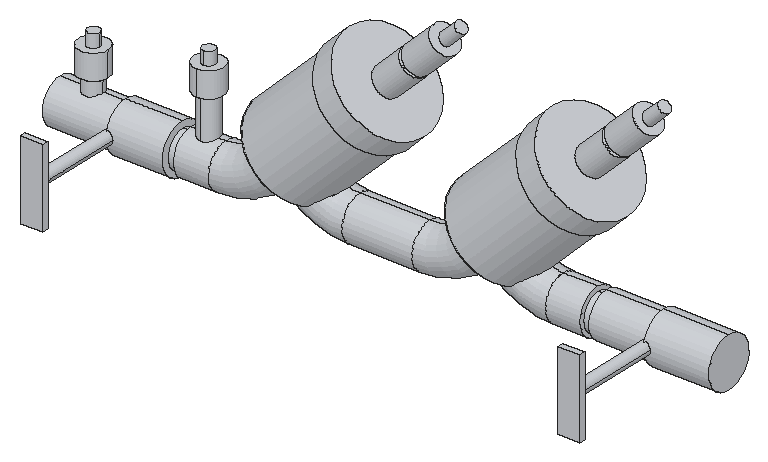
Revit family "M_Peça anti refluxo - 15-50 mm", category Acessórios do tubo, Revit 2019
Family settings
  Cota do conector redondo = Usar raio
  Tipo de parte = Válvula - Quebra entre
  Número OmniClass = 23.65.55.14.21
  Título OmniClass = Non-Return Valves for Liquid Services
  ID de item do Seek = Backflow Preventer - 15-50 mm-0000-CAN-ENU
  Com base no plano de trabalho = Não
  Sempre na vertical = Sim
  Corte com vazios quando carregada = Não
  Compartilhado = Não
Parameters (values of type "15 mm")
  Largura 2 = Raio externo * 0.45  # 4.05 mm
  Largura 1 = 19 mm
  Material da válvula = none
  Comprimento da válvula = 243 mm
  Espessura 1 = Raio externo * 0.25  # 2.25 mm
  Raio 9 = Raio externo * 0.4  # 3.6 mm
  Raio 8 = Raio externo * 0.25  # 2.25 mm
  Raio 7 = Raio externo * 0.6  # 5.4 mm
  Raio 6 = Largura 1  # 19 mm
  Raio 5 = 0.95 * Largura 1  # 18.05 mm
  Raio 4 = Raio externo * 0.75  # 6.75 mm
  Raio 3 = Raio externo * 0.9  # 8.1 mm
  Raio 2 = 25.4 mm
  Raio 10 = 0.75 * Largura 1  # 14.25 mm
  Raio 1 = 25.4 mm
  Queda de pressão [instance] = 34474.0 Pa
  Raio externo = 1 / 2 * Diâmetro externo  # 9 mm
  Diâmetro externo = 1.2 * Diâmetro nominal  # 18 mm
  Altura aberta = 94 mm
  Raio nominal = 7.5 mm
  Diâmetro nominal = Raio nominal * 2  # 15 mm
  Comprimento 9 = 1.75 / 20 * Comprimento  # 8.36 mm
  Comprimento 8 = 0.25 / 20 * Comprimento  # 1.194 mm
  Comprimento 7 = 3 / 20 * Comprimento  # 14.332 mm
  Comprimento 6 = 2 / 20 * Comprimento  # 9.554 mm
  Comprimento 5 = 8 / 20 * Comprimento  # 38.218 mm
  Comprimento 4 = 1 / 20 * Comprimento  # 4.777 mm
  Comprimento 3 = 1 / 4 * Comprimento 1  # 3.175 mm
  Comprimento 2 = 12.7 mm
  Comprimento 1 = 12.7 mm
  Comprimento = (C1 Deslocamento 1 + (Raio 1 * sin(Ângulo 1)) - Raio 1) / sin(Ângulo 2)  # 95.545 mm
  Altura 6 = 1 / 6 * Altura 1  # 4.5 mm
  Altura 5 = 1 / 3 * Altura 1  # 9 mm
  Altura 4 = 1 / 20 * Altura 1  # 1.35 mm
  Altura 3 = 9 / 20 * Altura 1  # 12.15 mm
  Altura 2 = 2 * Diâmetro externo  # 36 mm
  Altura 1 = 1.5 * Diâmetro externo  # 27 mm
  C1 Deslocamento 2 = 43 mm
  C1 Deslocamento 1 = 75 mm
  Comprimento do corpo = 148 mm
  Ângulo 2 = 90.00° - Ângulo 1  # 45.00°
  Ângulo 1 = 45.00°
Types (7, lengths in mm): name | Largura 2 | Largura 1 | Comprimento da válvula | Espessura 1 | Raio 9 | Raio 8 | Raio 7 | Raio 6 | Raio 5 | Raio 4 | Raio 3 | Raio 2 | Raio 10 | Raio 1 | Queda de pressão | Raio externo | Diâmetro externo | Altura aberta | Raio nominal | Diâmetro nominal | Comprimento 9 | Comprimento 8 | Comprimento 7 | Comprimento 6 | Comprimento 5 | Comprimento 4 | Comprimento 3 | Comprimento 2 | Comprimento 1 | Comprimento | Altura 6 | Altura 5 | Altura 4 | Altura 3 | Altura 2 | Altura 1 | C1 Deslocamento 2 | C1 Deslocamento 1 | Comprimento do corpo
  (no name) | 4.05 | 19 | 243 | 2.25 | 3.6 | 2.25 | 5.4 | 19 | 18.05 | 6.75 | 8.1 | 25.4 | 14.25 | 25.4 | 34474.0 Pa | 9 | 18 | 94 | 7.5 | 15 | 8.36 | 1.194 | 14.332 | 9.554 | 38.218 | 4.777 | 3.175 | 12.7 | 12.7 | 95.545 | 4.5 | 9 | 1.35 | 12.15 | 36 | 27 | 43 | 75 | 148
  15 mm | 4.05 | 19 | 243 | 2.25 | 3.6 | 2.25 | 5.4 | 19 | 18.05 | 6.75 | 8.1 | 25.4 | 14.25 | 25.4 | 34474.0 Pa | 9 | 18 | 94 | 7.5 | 15 | 8.36 | 1.194 | 14.332 | 9.554 | 38.218 | 4.777 | 3.175 | 12.7 | 12.7 | 95.545 | 4.5 | 9 | 1.35 | 12.15 | 36 | 27 | 43 | 75 | 148
  20 mm | 5.4 | 27 | 308 | 3 | 4.8 | 3 | 7.2 | 27 | 25.65 | 9 | 10.8 | 19.1 | 20.25 | 12.7 | 35163.0 Pa | 12 | 24 | 127 | 10 | 20 | 10.553 | 1.508 | 18.091 | 12.06 | 48.242 | 6.03 | 8.125 | 19.1 | 32.5 | 120.604 | 6 | 12 | 1.8 | 16.2 | 48 | 36 | 52 | 89 | 195
  25 mm | 6.75 | 33 | 360 | 3.75 | 6 | 3.75 | 9 | 33 | 31.35 | 11.25 | 13.5 | 38.1 | 24.75 | 25.4 | 37921.0 Pa | 15 | 30 | 116 | 12.5 | 25 | 11.206 | 1.601 | 19.211 | 12.807 | 51.229 | 6.404 | 6.35 | 25.4 | 25.4 | 128.072 | 7.5 | 15 | 2.25 | 20.25 | 60 | 45 | 62 | 98 | 245
  32 mm | 8.64 | 41 | 481 | 4.8 | 7.68 | 4.8 | 11.52 | 41 | 38.95 | 14.4 | 17.28 | 50.8 | 30.75 | 38.1 | 34474.0 Pa | 19.2 | 38.4 | 156 | 16 | 32 | 14.706 | 2.101 | 25.21 | 16.807 | 67.226 | 8.403 | 6.35 | 25.4 | 25.4 | 168.066 | 9.6 | 19.2 | 2.88 | 25.92 | 76.8 | 57.6 | 67 | 130 | 297
  40 mm | 10.8 | 41.3 | 481 | 6 | 9.6 | 6 | 14.4 | 41.3 | 39.235 | 18 | 21.6 | 50.8 | 30.975 | 38.1 | 34474.0 Pa | 24 | 48 | 156 | 20 | 40 | 14.706 | 2.101 | 25.21 | 16.807 | 67.226 | 8.403 | 6.35 | 25.4 | 25.4 | 168.066 | 12 | 24 | 3.6 | 32.4 | 96 | 72 | 79 | 130 | 297
  50 mm | 13.5 | 49 | 538 | 7.5 | 12 | 7.5 | 18 | 49 | 46.55 | 22.5 | 27 | 76.2 | 36.75 | 50.8 | 27579.0 Pa | 30 | 60 | 179 | 25 | 50 | 15.854 | 2.265 | 27.179 | 18.119 | 72.476 | 9.06 | 6.35 | 19.1 | 25.4 | 181.19 | 15 | 30 | 4.5 | 40.5 | 120 | 90 | 87 | 143 | 340
Reference planes
  plane 1 "Centro (Frente/Trás)": y = 0
  plane 2: z = 0
  plane 3 "Centro (Esquerda/Direita)": x = 0
  plane 4: x = -74
  plane 5: x = 74
  plane 6: x = -121.5
  plane 7: x = 121.5
  plane 8: x = -61.3
  plane 9: x = 12.7
  plane 10: x = 61.3
  plane 11: x = -12.7
  plane 12: z = 25.4
  plane 13: z = 25.4
  plane 14: x = -97.75
  plane 15: x = 97.75
  plane 16: x = -77.175
  plane 17: x = 77.175
  plane 18: x = -67.65
  plane 19: x = -101.8
  plane 20: x = -93.7
  plane 21: x = -109.625
  plane 22: z = 27
  plane 23: z = 36
  plane 24: y = -43
  plane 25: x = 101.8
  plane 26: x = 93.7
Forms (mm)
  Sweep 1, solid, material <- "Material da válvula", detail levels fine
    path origin (0, 0, 0) x (1, 0, 0) y (0, 0, 1)
      loop
        line (-74, 0) -> (-61.3, 0)
    profile origin (-67.65, 0, 0) x (0, 0, 1) y (0, -1, 0)
      loop
        circle (0, 0) r 8.1
  Sweep 2, solid, material <- "Material da válvula", detail levels fine
    path origin (0, 0, 0) x (1, 0, 0) y (0, 0, 1)
      loop
        line (61.3, 0) -> (74, 0)
    profile origin (67.65, 0, 0) x (0, 0, 1) y (0, -1, 0)
      loop
        circle (0, 0) r 8.1
  Sweep 3, solid, material <- "Material da válvula", detail levels fine
    path origin (0, 0, 0) x (1, 0, 0) y (0, 0, 1)
      loop
        line (-12.7, 0) -> (12.7, 0)
    profile origin (0, 0, 0) x (0, 0, 1) y (0, -1, 0)
      loop
        circle (0, 0) r 8.1
  Sweep 4, solid, material <- "Material da válvula", detail levels fine
    path in 3D
      loop
        arc (-61.3, 0, 0) -> (-51.58, 0, 1.933) -> (-43.339, 0, 7.439) r 25.4
    profile origin (-51.58, 0, 1.933) x (-0.382683, 0, 0.92388) y (0, -1, 0)
      loop
        circle (0, 0) r 8.1
  Sweep 5, solid, material <- "Material da válvula", detail levels fine
    path in 3D
      loop
        arc (12.7, 0, 0) -> (22.42, 0, 1.933) -> (30.661, 0, 7.439) r 25.4
    profile origin (22.42, 0, 1.933) x (-0.382683, 0, 0.92388) y (0, -1, 0)
      loop
        circle (0, 0) r 8.1
  Sweep 6, solid, material <- "Material da válvula", detail levels fine
    path origin (0, 0, 0) x (1, 0, 0) y (0, 0, 1)
      loop
        line (-43.339, 7.439) -> (-39.961, 10.818)
    profile origin (-41.65, 0, 9.129) x (-0.707107, 0, 0.707107) y (0, -1, 0)
      loop
        circle (0, 0) r 9
  Sweep 7, solid, material <- "Material da válvula", detail levels fine
    path origin (0, 0, 0) x (1, 0, 0) y (0, 0, 1)
      loop
        line (30.661, 7.439) -> (34.039, 10.818)
    profile origin (32.35, 0, 9.129) x (-0.707107, 0, 0.707107) y (0, -1, 0)
      loop
        circle (0, 0) r 9
  Blend 8, solid, material <- "Material da válvula", detail levels fine
    base sketch origin (-39.961, 0, 10.818) x (0, -1, 0) y (0.707107, 0, -0.707107)
      loop
        circle (0, 0) r 9
    top sketch origin (-39.961, 0, 10.818) x (0, -1, 0) y (0.707107, 0, -0.707107)
      loop
        circle (0, 0) r 18.05
    from 0 to 4.777
  Blend 9, solid, material <- "Material da válvula", detail levels fine
    base sketch origin (34.039, 0, 10.818) x (0, -1, 0) y (0.707107, 0, -0.707107)
      loop
        circle (0, 0) r 9
    top sketch origin (34.039, 0, 10.818) x (0, -1, 0) y (0.707107, 0, -0.707107)
      loop
        circle (0, 0) r 18.05
    from 0 to 4.777
  Sweep 10, solid, material <- "Material da válvula", detail levels fine
    path origin (0, 0, 0) x (1, 0, 0) y (0, 0, 1)
      loop
        line (-36.583, 14.196) -> (-9.559, 41.22)
    profile origin (-23.071, 0, 27.708) x (-0.707107, 0, 0.707107) y (0, -1, 0)
      loop
        circle (0, 0) r 18.05
  Sweep 11, solid, material <- "Material da válvula", detail levels fine
    path origin (0, 0, 0) x (1, 0, 0) y (0, 0, 1)
      loop
        line (37.417, 14.196) -> (64.441, 41.22)
    profile origin (50.929, 0, 27.708) x (-0.707107, 0, 0.707107) y (0, -1, 0)
      loop
        circle (0, 0) r 18.05
  Sweep 12, solid, material <- "Material da válvula", detail levels fine
    path in 3D
      loop
        arc (-12.7, 0, 0) -> (-26.472, 0, 4.058) -> (-35.844, 0, 14.935) r 25.4
    profile origin (-26.472, 0, 4.058) x (-0.542214, 0, -0.84024) y (0, -1, 0)
      loop
        circle (0, 0) r 8.1
  Sweep 13, solid, material <- "Material da válvula", detail levels fine
    path in 3D
      loop
        arc (61.3, 0, 0) -> (47.528, 0, 4.058) -> (38.156, 0, 14.935) r 25.4
    profile origin (47.528, 0, 4.058) x (-0.542214, 0, -0.84024) y (0, -1, 0)
      loop
        circle (0, 0) r 8.1
  Sweep 14, solid, material <- "Material da válvula", detail levels fine
    path origin (0, 0, 0) x (1, 0, 0) y (0, 0, 1)
      loop
        line (-9.559, 41.22) -> (-2.803, 47.976)
    profile origin (-6.181, 0, 44.598) x (-0.707107, 0, 0.707107) y (0, -1, 0)
      loop
        circle (0, 0) r 19
  Sweep 15, solid, material <- "Material da válvula", detail levels fine
    path origin (0, 0, 0) x (1, 0, 0) y (0, 0, 1)
      loop
        line (64.441, 41.22) -> (71.197, 47.976)
    profile origin (67.819, 0, 44.598) x (-0.707107, 0, 0.707107) y (0, -1, 0)
      loop
        circle (0, 0) r 19
  Sweep 16, solid, material <- "Material da válvula", detail levels fine
    path origin (0, 0, 0) x (1, 0, 0) y (0, 0, 1)
      loop
        line (-2.803, 47.976) -> (7.331, 58.11)
    profile origin (2.264, 0, 53.043) x (-0.707107, 0, 0.707107) y (0, -1, 0)
      loop
        circle (0, 0) r 5.4
  Sweep 17, solid, material <- "Material da válvula", detail levels fine
    path origin (0, 0, 0) x (1, 0, 0) y (0, 0, 1)
      loop
        line (71.197, 47.976) -> (81.331, 58.11)
    profile origin (76.264, 0, 53.043) x (-0.707107, 0, 0.707107) y (0, -1, 0)
      loop
        circle (0, 0) r 5.4
  Sweep 18, solid, material <- "Material da válvula", detail levels fine
    path origin (0, 0, 0) x (1, 0, 0) y (0, 0, 1)
      loop
        line (7.331, 58.11) -> (8.175, 58.954)
    profile origin (7.753, 0, 58.532) x (-0.707107, 0, 0.707107) y (0, -1, 0)
      loop
        circle (0, 0) r 2.25
  Sweep 19, solid, material <- "Material da válvula", detail levels fine
    path origin (0, 0, 0) x (1, 0, 0) y (0, 0, 1)
      loop
        line (81.331, 58.11) -> (82.175, 58.954)
    profile origin (81.753, 0, 58.532) x (-0.707107, 0, 0.707107) y (0, -1, 0)
      loop
        circle (0, 0) r 2.25
  Sweep 20, solid, material <- "Material da válvula", detail levels fine
    path origin (0, 0, 0) x (1, 0, 0) y (0, 0, 1)
      loop
        line (8.175, 58.954) -> (18.309, 69.088)
    profile origin (13.242, 0, 64.021) x (-0.707107, 0, 0.707107) y (0, -1, 0)
      loop
        circle (0, 0) r 5.4
  Sweep 21, solid, material <- "Material da válvula", detail levels fine
    path origin (0, 0, 0) x (1, 0, 0) y (0, 0, 1)
      loop
        line (82.175, 58.954) -> (92.309, 69.088)
    profile origin (87.242, 0, 64.021) x (-0.707107, 0, 0.707107) y (0, -1, 0)
      loop
        circle (0, 0) r 5.4
  Sweep 22, solid, material <- "Material da válvula", detail levels fine
    path origin (0, 0, 0) x (1, 0, 0) y (0, 0, 1)
      loop
        line (18.309, 69.088) -> (24.221, 75)
    profile origin (21.265, 0, 72.044) x (-0.707107, 0, 0.707107) y (0, -1, 0)
      loop
        circle (0, 0) r 2.25
  Sweep 23, solid, material <- "Material da válvula", detail levels fine
    path origin (0, 0, 0) x (1, 0, 0) y (0, 0, 1)
      loop
        line (92.309, 69.088) -> (98.221, 75)
    profile origin (95.265, 0, 72.044) x (-0.707107, 0, 0.707107) y (0, -1, 0)
      loop
        circle (0, 0) r 2.25
  Sweep 24, solid, material <- "Material da válvula", detail levels fine
    path origin (0, 0, 0) x (1, 0, 0) y (0, 0, 1)
      loop
        line (97.75, 0) -> (121.5, 0)
    profile origin (109.625, 0, 0) x (0, 0, 1) y (0, -1, 0)
      loop
        circle (0, 0) r 9
  Sweep 25, solid, material <- "Material da válvula", detail levels fine
    path origin (0, 0, 0) x (1, 0, 0) y (0, 0, 1)
      loop
        line (-97.75, 0) -> (-77.175, 0)
    profile origin (-87.462, 0, 0) x (0, 0, 1) y (0, -1, 0)
      loop
        circle (0, 0) r 9
  Sweep 26, solid, material <- "Material da válvula", detail levels fine
    path origin (0, 0, 0) x (1, 0, 0) y (0, 0, 1)
      loop
        line (-97.75, 0) -> (-121.5, 0)
    profile origin (-109.625, 0, 0) x (0, 0, -1) y (0, -1, 0)
      loop
        circle (0, 0) r 8.1
  Sweep 27, solid, material <- "Material da válvula", detail levels fine
    path origin (0, 0, 0) x (1, 0, 0) y (0, 0, 1)
      loop
        line (77.175, 0) -> (97.75, 0)
    profile origin (87.463, 0, 0) x (0, 0, 1) y (0, -1, 0)
      loop
        circle (0, 0) r 8.1
  Sweep 28, solid, material <- "Material da válvula", detail levels fine
    path origin (0, 0, 0) x (1, 0, 0) y (0, 0, 1)
      loop
        line (-77.175, 0) -> (-74, 0)
    profile origin (-75.587, 0, 0) x (0, 0, 1) y (0, -1, 0)
      loop
        circle (0, 0) r 6.75
  Sweep 29, solid, material <- "Material da válvula", detail levels fine
    path origin (0, 0, 0) x (1, 0, 0) y (0, 0, 1)
      loop
        line (74, 0) -> (77.175, 0)
    profile origin (75.588, 0, 0) x (0, 0, 1) y (0, -1, 0)
      loop
        circle (0, 0) r 6.75
  Sweep 30, solid, material <- "Material da válvula", detail levels fine
    path origin (0, 0, 0) x (1, 0, 0) y (0, 0, 1)
      loop
        line (-109.625, 0) -> (-109.625, 12.15)
    profile origin (-109.625, 0, 6.075) x (-1, 0, 0) y (0, -1, 0)
      loop
        circle (0, 0) r 3.6
  Sweep 31, solid, material <- "Material da válvula", detail levels fine
    path origin (0, 0, 0) x (1, 0, 0) y (0, 0, 1)
      loop
        line (-109.625, 12.15) -> (-109.625, 13.5)
    profile origin (-109.625, 0, 12.825) x (-1, 0, 0) y (0, -1, 0)
      loop
        circle (0, 0) r 2.25
  Sweep 32, solid, material <- "Material da válvula", detail levels fine
    path origin (0, 0, 0) x (1, 0, 0) y (0, 0, 1)
      loop
        line (-109.625, 13.5) -> (-109.625, 22.5)
    profile origin (-109.625, 0, 18) x (-1, 0, 0) y (0, -1, 0)
      loop
        circle (0, 0) r 5.4
  Sweep 33, solid, material <- "Material da válvula", detail levels fine
    path origin (0, 0, 0) x (1, 0, 0) y (0, 0, 1)
      loop
        line (-109.625, 22.5) -> (-109.625, 27)
    profile origin (-109.625, 0, 24.75) x (-1, 0, 0) y (0, -1, 0)
      loop
        circle (0, 0) r 2.25
  Sweep 34, solid, material <- "Material da válvula", detail levels fine
    path origin (0, 0, 0) x (1, 0, 0) y (0, 0, 1)
      loop
        line (-67.65, 36) -> (-67.65, 31.5)
    profile origin (-67.65, 0, 33.75) x (0, -1, 0) y (1, 0, 0)
      loop
        circle (0, 0) r 2.25
  Sweep 35, solid, material <- "Material da válvula", detail levels fine
    path origin (0, 0, 0) x (1, 0, 0) y (0, 0, 1)
      loop
        line (-67.65, 31.5) -> (-67.65, 22.5)
    profile origin (-67.65, 0, 27) x (0, -1, 0) y (1, 0, 0)
      loop
        circle (0, 0) r 5.4
  Sweep 36, solid, material <- "Material da válvula", detail levels fine
    path origin (0, 0, 0) x (1, 0, 0) y (0, 0, 1)
      loop
        line (-67.65, 22.5) -> (-67.65, 21.15)
    profile origin (-67.65, 0, 21.825) x (0, -1, 0) y (1, 0, 0)
      loop
        circle (0, 0) r 2.25
  Sweep 37, solid, material <- "Material da válvula", detail levels fine
    path origin (0, 0, 0) x (1, 0, 0) y (0, 0, 1)
      loop
        line (-67.65, 21.15) -> (-67.65, 0)
    profile origin (-67.65, 0, 10.575) x (0, -1, 0) y (1, 0, 0)
      loop
        circle (0, 0) r 3.6
  Sweep 38, solid, material <- "Material da válvula", detail levels fine
    path origin (0, 0, 0) x (1, 0, 0) y (0, 1, 0)
      loop
        line (-97.75, 0) -> (-97.75, -43)
    profile origin (-97.75, -21.5, 0) x (1, 0, 0) y (0, 0, 1)
      loop
        circle (0, 0) r 2.25
  Sweep 39, solid, material <- "Material da válvula", detail levels fine
    path origin (0, 0, 0) x (-1, 0, 0) y (0, -1, 0)
      loop
        line (-97.75, 0) -> (-97.75, 43)
    profile origin (97.75, -21.5, 0) x (1, 0, 0) y (0, 0, 1)
      loop
        circle (0, 0) r 2.25
  Extrusion 40, solid, material <- "Material da válvula", detail levels fine
    sketch origin (-164.372, -43, 1219.2) x (-1, 0, 0) y (0, 0, 1)
      loop
        line (-62.572, -1204.95) -> (-70.672, -1204.95) -> (-70.672, -1233.45) -> (-62.572, -1233.45) -> (-62.572, -1204.95)
    from 0 to 2.25
  Extrusion 41, solid, material <- "Material da válvula", detail levels fine
    sketch origin (164.372, -43, 1219.2) x (1, 0, 0) y (0, 0, -1)
      loop
        line (-62.572, 1204.95) -> (-62.572, 1233.45) -> (-70.672, 1233.45) -> (-70.672, 1204.95) -> (-62.572, 1204.95)
    from 0 to 2.25
Cuts and joins
  joined: Sweep 3, Sweep 5, Sweep 12
  joined: Sweep 2, Sweep 13
  joined: Sweep 1, Sweep 4, Sweep 37
  joined: Sweep 25, Sweep 26, Sweep 30, Sweep 38, Extrusion 40
  joined: Sweep 24, Sweep 27, Sweep 39, Extrusion 41
Lines and regions (mm)
  reference lines, not visible
    curve 1: line (-61.3, 0, 25.4) -> (-43.339, 0, 7.439)
    curve 2: arc (-61.3, 0, 0) -> (-51.58, 0, 1.933) -> (-43.339, 0, 7.439) r 25.4
    curve 3: line (12.7, 0, 25.4) -> (30.661, 0, 7.439)
    curve 4: arc (12.7, 0, 0) -> (22.42, 0, 1.933) -> (30.661, 0, 7.439) r 25.4
    curve 5: line (-43.339, 0, 7.439) -> (21.287, 0, 72.066)
    curve 6: line (30.661, 0, 7.439) -> (88.16, 0, 64.939)
    curve 7: arc (-12.7, 0, 0) -> (-26.472, 0, 4.058) -> (-35.844, 0, 14.935) r 25.4
    curve 8: arc (61.3, 0, 0) -> (47.528, 0, 4.058) -> (38.156, 0, 14.935) r 25.4
  sketch lines
    curve 9: arc (-61.3, 0, 0) -> (-51.58, 0, 1.933) -> (-43.339, 0, 7.439) r 25.4
    curve 10: arc (12.7, 0, 0) -> (22.42, 0, 1.933) -> (30.661, 0, 7.439) r 25.4
    curve 11: arc (-12.7, 0, 0) -> (-26.472, 0, 4.058) -> (-35.844, 0, 14.935) r 25.4
    curve 12: arc (61.3, 0, 0) -> (47.528, 0, 4.058) -> (38.156, 0, 14.935) r 25.4
  model lines, detail levels coarse+medium
    curve 13: line (-121.5, -47, 0) -> (121.5, -47, 0)
    curve 14: line (-121.5, 47, 0) -> (-121.5, -47, 0)
    curve 15: line (121.5, 47, 0) -> (-121.5, 47, 0)
    curve 16: line (121.5, -47, 0) -> (121.5, 47, 0)
Dimensions and locks
  equal spacing: plane 4, plane 3 "Centro (Esquerda/Direita)", plane 5
  "Comprimento do corpo": plane 4 to plane 5
  equal spacing: plane 6, plane 3 "Centro (Esquerda/Direita)", plane 7
  "Comprimento da válvula": plane 6 to plane 7
  "Comprimento 1": plane 4 to plane 8
  "Comprimento 1": plane 3 "Centro (Esquerda/Direita)" to plane 9
  "Comprimento 2": plane 10 to plane 5
  "Comprimento 2": plane 11 to plane 3 "Centro (Esquerda/Direita)"
  "Raio 1": plane 12 to plane 2
  "Raio 2": plane 13 to plane 2
  "Comprimento 4": Sweep 6 sketch curve to Sweep 6 sketch curve
  "Comprimento 4": Sweep 7 sketch curve to Sweep 7 sketch curve
  "Comprimento 4": Blend 8 to Blend 8
  "Comprimento 4": Blend 9 to Blend 9
  "Comprimento 5": Sweep 10 sketch curve to Sweep 10 sketch curve
  "Comprimento 5": Sweep 11 sketch curve to Sweep 11 sketch curve
  "Comprimento 6": Sweep 14 sketch curve to Sweep 14 sketch curve
  "Comprimento 6": Sweep 15 sketch curve to Sweep 15 sketch curve
  "Comprimento 7": Sweep 16 sketch curve to Sweep 16 sketch curve
  "Comprimento 7": Sweep 17 sketch curve to Sweep 17 sketch curve
  "Comprimento 8": Sweep 18 sketch curve to Sweep 18 sketch curve
  "Comprimento 8": Sweep 19 sketch curve to Sweep 19 sketch curve
  "Comprimento 7": Sweep 20 sketch curve to Sweep 20 sketch curve
  "Comprimento 7": Sweep 21 sketch curve to Sweep 21 sketch curve
  "Comprimento 9": Sweep 22 sketch curve to Sweep 22 sketch curve
  "Comprimento 9": Sweep 23 sketch curve to Sweep 23 sketch curve
  equal spacing: plane 6, plane 14, plane 4
  equal spacing: plane 7, plane 15, plane 5
  "Comprimento 3": plane 16 to plane 4
  "Comprimento 3": plane 17 to plane 5
  equal spacing: plane 4, plane 18, plane 8
  "Largura 2": plane 19 to plane 14
  equal spacing: plane 19, plane 14, plane 20
  equal spacing: plane 6, plane 21, plane 14
  "Altura 1": plane 22 to plane 2
  "Altura 2": plane 23 to plane 2
  "Altura 3": Sweep 30 sketch curve to Sweep 30 sketch curve
  "Altura 4": Sweep 31 sketch curve to Sweep 31 sketch curve
  "Altura 5": Sweep 32 sketch curve to Sweep 32 sketch curve
  "Altura 6": Sweep 34 sketch curve to Sweep 34 sketch curve
  "Altura 5": Sweep 35 sketch curve to Sweep 35 sketch curve
  "Altura 4": Sweep 36 sketch curve to Sweep 36 sketch curve
  "C1 Deslocamento 2": plane 1 "Centro (Frente/Trás)" to plane 24
  equal spacing: Extrusion 40 sketch curve, plane 2, Extrusion 40 sketch curve
  "Raio 10": Extrusion 40 sketch curve to plane 2
  "Espessura 1": Extrusion 40 to plane 24
  "Largura 2": plane 25 to plane 15
  equal spacing: plane 25, plane 15, plane 26
  equal spacing: Extrusion 41 sketch curve, plane 2, Extrusion 41 sketch curve
  "Raio 10": Extrusion 41 sketch curve to plane 2
  "Espessura 1": Extrusion 41 to plane 24
  equal spacing: curve 15, plane 1 "Centro (Frente/Trás)", curve 13
  "Altura aberta": curve 15 to curve 13
  "Raio 1": radius of curve 2
  "Raio 1": radius of curve 4
  "Raio 2": radius of curve 8
  "Raio 2": radius of curve 7
  "Raio 3": radius of Sweep 1 sketch curve
  "Raio 3": radius of Sweep 2 sketch curve
  "Raio 3": radius of Sweep 3 sketch curve
  "Raio 3": radius of Sweep 4 sketch curve
  "Raio 3": radius of Sweep 5 sketch curve
  "Raio externo": radius of Sweep 6 sketch curve
  "Raio externo": radius of Sweep 7 sketch curve
  "Raio externo": radius of Blend 8 sketch curve
  "Raio 5": radius of Blend 8 sketch curve
  "Raio externo": radius of Blend 9 sketch curve
  "Raio 5": radius of Blend 9 sketch curve
  "Raio 5": radius of Sweep 10 sketch curve
  "Raio 5": radius of Sweep 11 sketch curve
  "Raio 3": radius of Sweep 12 sketch curve
  "Raio 3": radius of Sweep 13 sketch curve
  "Raio 6": radius of Sweep 14 sketch curve
  "Raio 6": radius of Sweep 15 sketch curve
  "Raio 7": radius of Sweep 16 sketch curve
  "Raio 7": radius of Sweep 17 sketch curve
  "Raio 8": radius of Sweep 18 sketch curve
  "Raio 8": radius of Sweep 19 sketch curve
  "Raio 7": radius of Sweep 20 sketch curve
  "Raio 7": radius of Sweep 21 sketch curve
  "Raio 8": radius of Sweep 22 sketch curve
  "Raio 8": radius of Sweep 23 sketch curve
  "Raio externo": radius of Sweep 24 sketch curve
  "Raio externo": radius of Sweep 25 sketch curve
  "Raio 3": radius of Sweep 26 sketch curve
  "Raio 3": radius of Sweep 27 sketch curve
  "Raio 4": radius of Sweep 28 sketch curve
  "Raio 4": radius of Sweep 29 sketch curve
  "Raio 9": radius of Sweep 30 sketch curve
  "Raio 8": radius of Sweep 31 sketch curve
  "Raio 7": radius of Sweep 32 sketch curve
  "Raio 8": radius of Sweep 33 sketch curve
  "Raio 8": radius of Sweep 34 sketch curve
  "Raio 7": radius of Sweep 35 sketch curve
  "Raio 8": radius of Sweep 36 sketch curve
  "Raio 9": radius of Sweep 37 sketch curve
  "Raio 8": radius of Sweep 38 sketch curve
  "Raio 8": radius of Sweep 39 sketch curve
  "Ângulo 1": angle curve 1 to plane 2
  "Ângulo 1": angle curve 3 to plane 2
  "Ângulo 2": angle plane 2 to curve 5
  "Ângulo 2": angle plane 2 to curve 6
  aligned and locked: plane 8 to curve 1
  aligned and locked: plane 12 to curve 1
  aligned and locked: plane 8 to curve 2  (x2)
  aligned and locked: plane 12 to curve 2
  aligned and locked: plane 9 to curve 3
  aligned and locked: plane 12 to curve 3
  aligned and locked: plane 12 to curve 4
  aligned and locked: plane 9 to curve 4
  aligned and locked: plane 11 to curve 7  (x2)
  aligned and locked: plane 13 to curve 7
  aligned and locked: plane 10 to curve 8  (x2)
  aligned and locked: plane 13 to curve 8
  aligned and locked: plane 4 to Sweep 1 sketch curve
  aligned and locked: Sweep 1 sketch curve to level
  aligned and locked: plane 8 to Sweep 1 sketch curve
  aligned and locked: plane 2 to Sweep 1 sketch curve
  aligned and locked: Sweep 1 sketch curve to curve 5
  aligned and locked: plane 10 to Sweep 2 sketch curve
  aligned and locked: Sweep 2 sketch curve to level
  aligned and locked: plane 5 to Sweep 2 sketch curve
  aligned and locked: plane 2 to Sweep 2 sketch curve
  aligned and locked: Sweep 2 sketch curve to curve 6
  aligned and locked: plane 11 to Sweep 3 sketch curve
  aligned and locked: Sweep 3 sketch curve to level
  aligned and locked: plane 9 to Sweep 3 sketch curve
  aligned and locked: plane 1 "Centro (Frente/Trás)" to Sweep 3 sketch curve
  aligned and locked: plane 2 to Sweep 3 sketch curve
  aligned and locked: plane 1 "Centro (Frente/Trás)" to Sweep 4 sketch curve
  aligned and locked: plane 1 "Centro (Frente/Trás)" to Sweep 5 sketch curve
  aligned and locked: curve 1 to Sweep 6 sketch curve
  aligned and locked: Sweep 6 sketch curve to curve 5
  aligned and locked: plane 1 "Centro (Frente/Trás)" to Sweep 6 sketch curve
  aligned and locked: curve 3 to Sweep 7 sketch curve
  aligned and locked: Sweep 7 sketch curve to curve 6
  aligned and locked: plane 1 "Centro (Frente/Trás)" to Sweep 7 sketch curve
  aligned and locked: plane 1 "Centro (Frente/Trás)" to Blend 8 sketch curve  (x2)
  aligned and locked: Blend 8 to Sweep 6
  aligned and locked: plane 1 "Centro (Frente/Trás)" to Blend 9 sketch curve  (x2)
  aligned and locked: Blend 9 to Sweep 7
  aligned and locked: Blend 8 to Sweep 10 sketch curve
  aligned and locked: plane 1 "Centro (Frente/Trás)" to Sweep 10 sketch curve
  aligned and locked: curve 5 to Sweep 10 sketch curve
  aligned and locked: curve 6 to Sweep 11 sketch curve
  aligned and locked: Blend 9 to Sweep 11 sketch curve
  aligned and locked: plane 1 "Centro (Frente/Trás)" to Sweep 11 sketch curve
  aligned and locked: plane 1 "Centro (Frente/Trás)" to Sweep 12 sketch curve
  aligned and locked: plane 1 "Centro (Frente/Trás)" to Sweep 13 sketch curve
  aligned and locked: curve 5 to Sweep 14 sketch curve
  aligned and locked: Sweep 10 to Sweep 14 sketch curve
  aligned and locked: plane 1 "Centro (Frente/Trás)" to Sweep 14 sketch curve
  aligned and locked: curve 6 to Sweep 15 sketch curve
  aligned and locked: Sweep 11 to Sweep 15 sketch curve
  aligned and locked: plane 1 "Centro (Frente/Trás)" to Sweep 15 sketch curve
  aligned and locked: curve 5 to Sweep 16 sketch curve
  aligned and locked: Sweep 14 to Sweep 16 sketch curve
  aligned and locked: plane 1 "Centro (Frente/Trás)" to Sweep 16 sketch curve
  aligned and locked: curve 6 to Sweep 17 sketch curve
  aligned and locked: Sweep 15 to Sweep 17 sketch curve
  aligned and locked: plane 1 "Centro (Frente/Trás)" to Sweep 17 sketch curve
  aligned and locked: curve 5 to Sweep 18 sketch curve
  aligned and locked: Sweep 16 to Sweep 18 sketch curve
  aligned and locked: plane 1 "Centro (Frente/Trás)" to Sweep 18 sketch curve
  aligned and locked: curve 6 to Sweep 19 sketch curve
  aligned and locked: Sweep 17 to Sweep 19 sketch curve
  aligned and locked: plane 1 "Centro (Frente/Trás)" to Sweep 19 sketch curve
  aligned and locked: curve 5 to Sweep 20 sketch curve
  aligned and locked: Sweep 18 to Sweep 20 sketch curve
  aligned and locked: plane 1 "Centro (Frente/Trás)" to Sweep 20 sketch curve
  aligned and locked: curve 6 to Sweep 21 sketch curve
  aligned and locked: Sweep 19 to Sweep 21 sketch curve
  aligned and locked: plane 1 "Centro (Frente/Trás)" to Sweep 21 sketch curve
  aligned and locked: curve 5 to Sweep 22 sketch curve
  aligned and locked: Sweep 20 to Sweep 22 sketch curve
  aligned and locked: plane 1 "Centro (Frente/Trás)" to Sweep 22 sketch curve
  aligned and locked: curve 6 to Sweep 23 sketch curve
  aligned and locked: Sweep 21 to Sweep 23 sketch curve
  aligned and locked: plane 1 "Centro (Frente/Trás)" to Sweep 23 sketch curve
  aligned and locked: Sweep 24 sketch curve to plane 2
  aligned and locked: plane 7 to Sweep 24 sketch curve
  aligned and locked: plane 15 to Sweep 24 sketch curve
  aligned and locked: plane 2 to Sweep 24 sketch curve
  aligned and locked: plane 1 "Centro (Frente/Trás)" to Sweep 24 sketch curve
  aligned and locked: Sweep 25 sketch curve to plane 2
  aligned and locked: plane 14 to Sweep 25 sketch curve
  aligned and locked: plane 16 to Sweep 25 sketch curve
  aligned and locked: level to Sweep 25 sketch curve
  aligned and locked: plane 1 "Centro (Frente/Trás)" to Sweep 25 sketch curve
  aligned and locked: plane 2 to Sweep 26 sketch curve  (x2)
  aligned and locked: plane 6 to Sweep 26 sketch curve
  aligned and locked: plane 14 to Sweep 26 sketch curve
  aligned and locked: plane 1 "Centro (Frente/Trás)" to Sweep 26 sketch curve
  aligned and locked: Sweep 27 sketch curve to plane 2
  aligned and locked: plane 15 to Sweep 27 sketch curve
  aligned and locked: plane 17 to Sweep 27 sketch curve
  aligned and locked: plane 2 to Sweep 27 sketch curve
  aligned and locked: plane 1 "Centro (Frente/Trás)" to Sweep 27 sketch curve
  aligned and locked: Sweep 28 sketch curve to plane 2
  aligned and locked: plane 16 to Sweep 28 sketch curve
  aligned and locked: plane 4 to Sweep 28 sketch curve
  aligned and locked: plane 2 to Sweep 28 sketch curve
  aligned and locked: plane 1 "Centro (Frente/Trás)" to Sweep 28 sketch curve
  aligned and locked: Sweep 29 sketch curve to plane 2
  aligned and locked: plane 5 to Sweep 29 sketch curve
  aligned and locked: plane 17 to Sweep 29 sketch curve
  aligned and locked: plane 2 to Sweep 29 sketch curve
  aligned and locked: plane 1 "Centro (Frente/Trás)" to Sweep 29 sketch curve
  aligned and locked: Sweep 30 sketch curve to plane 21
  aligned and locked: plane 2 to Sweep 30 sketch curve
  aligned and locked: plane 1 "Centro (Frente/Trás)" to Sweep 30 sketch curve
  aligned and locked: plane 21 to Sweep 30 sketch curve
  aligned and locked: Sweep 31 sketch curve to plane 21
  aligned and locked: cut or joined group of Sweep 25, Sweep 26, Sweep 30, Sweep 38, Extrusion 40 to Sweep 31 sketch curve
  aligned and locked: plane 21 to Sweep 31 sketch curve
  aligned and locked: plane 1 "Centro (Frente/Trás)" to Sweep 31 sketch curve
  aligned and locked: Sweep 32 sketch curve to plane 21
  aligned and locked: Sweep 31 to Sweep 32 sketch curve
  aligned and locked: plane 21 to Sweep 32 sketch curve
  aligned and locked: plane 1 "Centro (Frente/Trás)" to Sweep 32 sketch curve
  aligned and locked: Sweep 33 sketch curve to plane 21
  aligned and locked: Sweep 32 to Sweep 33 sketch curve
  aligned and locked: plane 22 to Sweep 33 sketch curve
  aligned and locked: plane 1 "Centro (Frente/Trás)" to Sweep 33 sketch curve
  aligned and locked: plane 21 to Sweep 33 sketch curve
  aligned and locked: plane 23 to Sweep 34 sketch curve
  aligned and locked: plane 18 to Sweep 34 sketch curve  (x2)
  aligned and locked: plane 1 "Centro (Frente/Trás)" to Sweep 34 sketch curve
  aligned and locked: plane 18 to Sweep 35 sketch curve  (x2)
  aligned and locked: Sweep 34 to Sweep 35 sketch curve
  aligned and locked: plane 1 "Centro (Frente/Trás)" to Sweep 35 sketch curve
  aligned and locked: plane 18 to Sweep 36 sketch curve  (x2)
  aligned and locked: Sweep 35 to Sweep 36 sketch curve
  aligned and locked: plane 1 "Centro (Frente/Trás)" to Sweep 36 sketch curve
  aligned and locked: plane 18 to Sweep 37 sketch curve  (x2)
  aligned and locked: plane 2 to Sweep 37 sketch curve
  aligned and locked: Sweep 36 to Sweep 37 sketch curve
  aligned and locked: plane 1 "Centro (Frente/Trás)" to Sweep 37 sketch curve
  aligned and locked: plane 14 to Sweep 38 sketch curve  (x2)
  aligned and locked: plane 24 to Sweep 38 sketch curve
  aligned and locked: plane 1 "Centro (Frente/Trás)" to Sweep 38 sketch curve
  aligned and locked: plane 2 to Sweep 38 sketch curve
  aligned and locked: Sweep 39 sketch curve to plane 15
  aligned and locked: plane 24 to Sweep 39 sketch curve
  aligned and locked: plane 1 "Centro (Frente/Trás)" to Sweep 39 sketch curve
  aligned and locked: Extrusion 40 sketch curve to plane 19
  aligned and locked: Extrusion 40 sketch curve to plane 20
  aligned and locked: plane 26 to Extrusion 41 sketch curve
  aligned and locked: plane 25 to Extrusion 41 sketch curve
Automatic sketch dimensions
  Sweep 4 sketch curve to profile plane = 0 mm
  Sweep 5 sketch curve to profile plane = 0 mm
  Sweep 6 sketch curve to profile plane = 0 mm
  Sweep 7 sketch curve to profile plane = 0 mm
  Sweep 12 sketch curve to profile plane = 0 mm
  Sweep 13 sketch curve to profile plane = 0 mm
  Sweep 39 sketch curve to plane 2 = 0 mm
  Sweep 39 sketch curve to profile plane = 0 mm
  Sweep 10 sketch curve to profile plane = 0 mm
  Sweep 11 sketch curve to profile plane = 0 mm
  Sweep 14 sketch curve to profile plane = 0 mm
  Sweep 15 sketch curve to profile plane = 0 mm
  Sweep 16 sketch curve to profile plane = 0 mm
  Sweep 17 sketch curve to profile plane = 0 mm
  Sweep 18 sketch curve to profile plane = 0 mm
  Sweep 19 sketch curve to profile plane = 0 mm
  Sweep 20 sketch curve to profile plane = 0 mm
  Sweep 21 sketch curve to profile plane = 0 mm
  Sweep 22 sketch curve to profile plane = 0 mm
  Sweep 23 sketch curve to profile plane = 0 mm
  curve 15 to plane 6 = 0 mm
  curve 15 to plane 7 = 0 mm
Nested families
  nested 1: "M_BFP" at (0, 0, 0), type "BFP", detail levels coarse+medium
Connectors
  piping at (-121.5, 0, 0), diameter 15, driven by "Raio nominal"
    settings: on cut or joined group of Sweep 25, Sweep 26, Sweep 30, Sweep 38, Extrusion 40, index 1, connector inside diameter 15 mm, connector length 0 mm, flow factor 0, pipe flow 0.0 L/s, pressure drop 0.0 Pa, fitting loss kfactor 0, connector angle 0.00°, fixture units 0, engagement length 0 mm, angle of deflection 0.00°, flow configuration 0, flow direction 0, fitting loss method 4, system type 29, joint type 0, gender type 0, connector reference index 2, connector utility 0, adjustable connector no, is connector primary yes, connector description ""
  piping at (121.5, 0, 0), diameter 15, driven by "Raio nominal", driven by "Queda de pressão"
    settings: on cut or joined group of Sweep 24, Sweep 27, Sweep 39, Extrusion 41, index 2, connector inside diameter 15 mm, connector length 0 mm, flow factor 0, pipe flow 0.0 L/s, pressure drop 34474.0 Pa, fitting loss kfactor 0, connector angle 0.00°, fixture units 0, engagement length 0 mm, angle of deflection 0.00°, flow configuration 0, flow direction 0, fitting loss method 4, system type 29, joint type 0, gender type 0, connector reference index 1, connector utility 0, adjustable connector no, is connector primary no, connector description ""
Definition of nested family "M_BFP"
  Reference planes
    plane 1: y = 0
    plane 2: x = 0
  Text (mm)
    text "BFP" at (-2.018, 1.152, 0)
